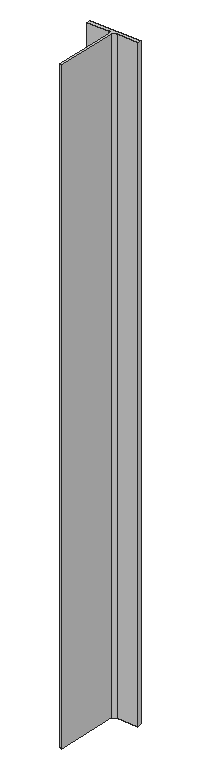
Revit family "6741e57d8e2b440bbb356c0e88b38174", category Structural Columns, Revit 2021
Family settings
  Section Shape = I-split Parallel Flange
  Material for Model Behavior = Steel
  Always export as geometry = No
  Beam cutback in plan = From bounding box
  Family Name Key = WT Shapes-Column
  Code Name = AISC 14.1
  OmniClass Number = 23.25.30.11.14.11
  OmniClass Title = Columns
  Seek Item ID = WT-Shapes-Column-0000-USA-ENU
  Cut with Voids When Loaded = No
  Symbolic Representation = From Project Settings
  Shared = No
  Show family pre-cut in plan views = Yes
Parameters (values of type "WT12X42")
  Width = 0' - 9.02"
  Web Thickness = 0' - 0.47"
  Web Fillet = 0' - 0 1/2"
  Warping Constant = 6.90000 in⁶
  Torsional Moment of Inertia = 1.8400 in⁴
  Structural Material [instance] = Steel ASTM A992
  Section Name Key = ""
  Section Area = 12.40 in²
  Principal Axes Angle = 0.00°
  Plastic Modulus weak axis = 16.300 in³
  Plastic Modulus strong axis = 32.500 in³
  Nominal Weight = 42.00 lbf/ft
  Moment of Inertia weak axis = 47.2000 in⁴
  Moment of Inertia strong axis = 166.0000 in⁴
  Height = 1' - 0.1"
  Flange Thickness = 0' - 0.77"
  Elastic Modulus weak axis = 10.500 in³
  Elastic Modulus strong axis = 18.300 in³
  Centroid Vertical = 0' - 9.13"
  Centroid Horizontal = Width / 2  # 4.510"
  Bolt Spacing = 0' - 5 1/2"
  Assembly Code = "B10"
Types (2): name | Width | Web Thickness | Web Fillet | Warping Constant | Torsional Moment of Inertia | Structural Material | Section Area | Plastic Modulus weak axis | Plastic Modulus strong axis | Nominal Weight | Moment of Inertia weak axis | Moment of Inertia strong axis | Height | Flange Thickness | Elastic Modulus weak axis | Elastic Modulus strong axis | Centroid Vertical | Centroid Horizontal
  WT12X42 | 0' - 9.02" | 0' - 0.47" | 0' - 0 1/2" | 6.90000 in⁶ | 1.8400 in⁴ | Steel ASTM A992 | 12.40 in² | 16.300 in³ | 32.500 in³ | 42.00 lbf/ft | 47.2000 in⁴ | 166.0000 in⁴ | 1' - 0.1" | 0' - 0.77" | 10.500 in³ | 18.300 in³ | 0' - 9.13" | 4.510"
  WT18X80 | 1' - 0" | 0' - 0.65" | 0' - 0 3/4" | 53.60000 in⁶ | 6.1700 in⁴ | Steel ASTM A36 | 23.50 in² | 38.600 in³ | 100.000 in³ | 80.00 lbf/ft | 147.0000 in⁴ | 740.0000 in⁴ | 1' - 6" | 0' - 1.02" | 24.600 in³ | 55.800 in³ | 1' - 1.26" | 6.000"
Reference planes (in)
  plane 1: y = 0
  plane 2: z = 0
  plane 3: x = 0
  plane 4: x = -4.51
  plane 5: x = 4.51
  plane 6: y = 2.97
  plane 7: y = -9.13
  plane 8: x = -0.235
  plane 9: x = 0.235
  plane 10: y = 2.2
Forms (in)
  Extrusion 1, solid, material "Steel ASTM A992" <- "Structural Material", detail levels medium
    sketch origin (0, 0, 0) x (1, 0, 0) y (0, 1, 0)
      loop
        line (-4.51, 2.97) -> (-4.51, 2.2) -> (-0.235, 2.2) -> (-0.235, -9.13) -> (0.235, -9.13) -> (0.235, 2.2) -> (4.51, 2.2) -> (4.51, 2.97) -> (-4.51, 2.97)
    from 0 to 108
  Extrusion 2, solid, material "Steel ASTM A992" <- "Structural Material", detail levels fine
    sketch origin (0, 0, 0) x (1, 0, 0) y (0, 1, 0)
      loop
        line (-4.51, 2.97) -> (-4.51, 2.2) -> (-0.735, 2.2)
        arc (-0.735, 2.2) -> (-0.38145, 2.05355) -> (-0.235, 1.7) r 0.5
        line (-0.235, 1.7) -> (-0.235, -9.13) -> (0.235, -9.13) -> (0.235, 1.7)
        arc (0.235, 1.7) -> (0.38145, 2.05355) -> (0.735, 2.2) r 0.5
        line (0.735, 2.2) -> (4.51, 2.2) -> (4.51, 2.97) -> (-4.51, 2.97)
    from 0 to 108
Lines and regions (in)
  symbolic lines, style "StructuralColumnStickSymbols", detail levels coarse
    curve 1: line (-4.51, 2.97, 0) -> (4.51, 2.97, 0)
    curve 2: line (0, 2.97, 0) -> (0, -9.13, 0)
  symbolic lines, style "Hidden Faces", detail levels medium+fine
    curve 3: line (-0.235, 0, 0) -> (-0.235, 0, 108)
    curve 4: line (0.235, 0, 108) -> (0.235, 0, 0)
Dimensions and locks (in)
  equal spacing: plane 4, plane 3, plane 5
  "Height": plane 7 to plane 6
  "Width": plane 4 to plane 5
  "Flange Thickness": plane 10 to plane 6
  equal spacing: plane 8, plane 3, plane 9
  "Web Thickness": plane 8 to plane 9
  "Centroid Vertical": plane 7 to plane 1
  "Web Fillet": radius of Extrusion 2 sketch curve  (x2)
  aligned and locked: level to plane 2
  aligned and locked: curve 2 to plane 3
  aligned and locked: Extrusion 1 sketch curve to plane 10
  aligned and locked: plane 10 to Extrusion 1 sketch curve
  aligned and locked: Extrusion 1 sketch curve to plane 6
  aligned and locked: plane 4 to Extrusion 1 sketch curve
  aligned and locked: Extrusion 1 sketch curve to plane 5
  aligned and locked: Extrusion 1 sketch curve to plane 8
  aligned and locked: Extrusion 1 sketch curve to plane 9
  aligned and locked: plane 7 to Extrusion 1 sketch curve
  aligned and locked: level to Extrusion 1
  aligned and locked: Extrusion 1 to level
  aligned and locked: Extrusion 2 sketch curve to plane 6
  aligned and locked: plane 4 to Extrusion 2 sketch curve
  aligned and locked: Extrusion 2 sketch curve to plane 10  (x2)
  aligned and locked: Extrusion 2 sketch curve to plane 8
  aligned and locked: Extrusion 2 sketch curve to plane 9
  aligned and locked: Extrusion 2 sketch curve to plane 5
  aligned and locked: plane 7 to Extrusion 2 sketch curve
  aligned and locked: Extrusion 2 to level
  aligned and locked: level to Extrusion 2
  aligned and locked: plane 6 to curve 1
  aligned and locked: plane 5 to curve 1
  aligned and locked: plane 4 to curve 1
  aligned and locked: plane 7 to curve 2
  aligned and locked: curve 4 to plane 9
  aligned and locked: level to curve 4  (x2)
  aligned and locked: Extrusion 2 to plane 8
  aligned and locked: level to curve 3  (x2)
Automatic sketch dimensions
  curve 3 to plane 8 = 0' - 0"
